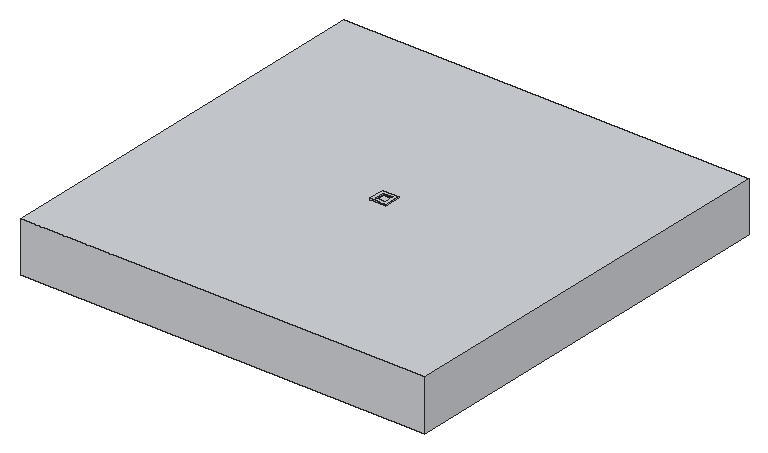
Revit family "Gira_109203", category Elektroinstallationen, Revit 2017
Family settings
  Basisbauteil = Fläche
  Beschriftungsausrichtung beibehalten = Nein
  Bemaßung runder Anschluss = Durchmesser verwenden
  Teiletyp = Normal
  Beim Laden mit Abzugskörper schneiden = Nein
  Gemeinsam genutzt = Nein
  Raumberechnungspunkt = Nein
Parameters
  Werkstoffgüte = "Thermoplast"
  Werkstoff = "Kunststoff"
  URL = "https://www.gira.de/"
  Typname = "Abdeckrahmen 2f waager. BSF Standard 55 Reinweiß"
  Transparent = no
  Textfeld/Beschriftungsfläche = yes
  Schutzart (IP) = "IP20"
  RAL-Nummer (ähnlich) = 9010
  Produktseite = "http://katalog.gira.de/de_DE/datenblatt.html?artikelnr=109203"
  Oberfläche = "sonstige"
  Montagerichtung = "horizontal"
  Mit Montagerahmen = no
  Mit Klappdeckel = no
  Hersteller = "Gira"
  Halogenfrei = yes
  HAN = "109203"
  Geeignet für Unterputz-Installation = yes
  Geeignet für Unterflurkanaldose = no
  Geeignet für Geräteeinbaukanal = no
  Geeignet für Einbauinstallation = no
  GTIN = "4010337092032"
  Farbe = "weiß"
  Datenblatt = "https://katalog.gira.de/de_DE/download.html?artikelnr=109203"
  Beschreibung = "Abdeckrahmen Gira Standard 55 mit Beschriftungsfeld Reinweiß glänzend 2fach waagerecht Merkmale: - Bruchsicher. - Sprühnebeldicht. - Abdeckrahmen mit transparentem Sichtfenster zur Beschriftung der Einsätze. - Besonders geeignet für Objekte, in denen Elektroinstallation gekennzeichnet und dokumentiert werden muss, bspw. in Verwaltungen, gewerblichen Betrieben, Flughäfen, Unternehmen und Krankenhäusern.  Hinweise : - Nicht zu verwenden mit: Dichtungsset IP44, Aufputz-Gehäuse flache Bauweise, Aufputz-Gehäuse."
  Befestigungsart = "Klemmbefestigung"
  Bauelement = "Espr._Rahmen_1fach"
  Default Elevation = 1219.2 mm
  BIM = "https://media.stage.bim.site/public/gira/876eb45/Espr._Rahmen_1fach.rfa"
  Ausführung der Oberfläche = "glänzend"
  Anzahl der Einheiten vertikal = 1
  Anzahl der Einheiten horizontal = 2
  Anzahl der Einheiten = 2
Reference planes
  plane 1 "Center (Front/Back)": y = 0
  plane 2: z = 0
  plane 3 "Center (Left/Right)": x = 0
Forms (mm)
  Extrusion 1, solid
    sketch origin (0, 0, 0) x (1, 0, 0) y (0, 1, 0)
      loop
        line (-1219.2, 1219.2) -> (-1219.2, -1219.2) -> (1219.2, -1219.2) -> (1219.2, 1219.2) -> (-1219.2, 1219.2)
    from 0 to -304.8
  Extrusion 2, solid, detail levels fine
    sketch origin (0, 0, 0) x (1, 0, 0) y (0, 1, 0)
      loop
        line (-47.5, 47.5) -> (-47.5, -47.5) -> (47.5, -47.5) -> (47.5, 47.5) -> (-47.5, 47.5)
      loop
        arc (-28.2, -26.7) -> (-27.761, -27.761) -> (-26.7, -28.2) r 1.5
        line (-26.7, -28.2) -> (26.7, -28.2)
        arc (26.7, -28.2) -> (27.761, -27.761) -> (28.2, -26.7) r 1.5
        line (28.2, -26.7) -> (28.2, 26.7)
        arc (28.2, 26.7) -> (27.761, 27.761) -> (26.7, 28.2) r 1.5
        line (26.7, 28.2) -> (-26.7, 28.2)
        arc (-26.7, 28.2) -> (-27.761, 27.761) -> (-28.2, 26.7) r 1.5
        line (-28.2, 26.7) -> (-28.2, -26.7)
    from 0 to 6
  Extrusion 3, solid, detail levels fine
    sketch origin (0, 0, 0) x (1, 0, 0) y (0, 1, 0)
      loop
        line (-25.7, -25.7) -> (25.7, -25.7) -> (25.7, 25.7) -> (-25.7, 25.7) -> (-25.7, -25.7)
      loop
        arc (-43.1, -41.3) -> (-42.573, -42.573) -> (-41.3, -43.1) r 1.8
        line (-41.3, -43.1) -> (41.3, -43.1)
        arc (41.3, -43.1) -> (42.573, -42.573) -> (43.1, -41.3) r 1.8
        line (43.1, -41.3) -> (43.1, 41.3)
        arc (43.1, 41.3) -> (42.573, 42.573) -> (41.3, 43.1) r 1.8
        line (41.3, 43.1) -> (-41.3, 43.1)
        arc (-41.3, 43.1) -> (-42.573, 42.573) -> (-43.1, 41.3) r 1.8
        line (-43.1, 41.3) -> (-43.1, -41.3)
    from -1.9 to 0
  Extrusion 4, solid, detail levels fine
    sketch origin (0, 0, 0) x (1, 0, 0) y (0, 1, 0)
      loop
        arc (-41.4, 44.4) -> (-43.521, 43.521) -> (-44.4, 41.4) r 3
        line (-44.4, 41.4) -> (-44.4, -41.4)
        arc (-44.4, -41.4) -> (-43.521, -43.521) -> (-41.4, -44.4) r 3
        line (-41.4, -44.4) -> (41.4, -44.4)
        arc (41.4, -44.4) -> (43.521, -43.521) -> (44.4, -41.4) r 3
        line (44.4, -41.4) -> (44.4, 41.4)
        arc (44.4, 41.4) -> (43.521, 43.521) -> (41.4, 44.4) r 3
        line (41.4, 44.4) -> (-41.4, 44.4)
      loop
        line (-43.1, 41.3) -> (-43.1, -41.3)
        arc (-43.1, -41.3) -> (-42.573, -42.573) -> (-41.3, -43.1) r 1.8
        line (-41.3, -43.1) -> (41.3, -43.1)
        arc (41.3, -43.1) -> (42.573, -42.573) -> (43.1, -41.3) r 1.8
        line (43.1, -41.3) -> (43.1, 41.3)
        arc (43.1, 41.3) -> (42.573, 42.573) -> (41.3, 43.1) r 1.8
        line (41.3, 43.1) -> (-41.3, 43.1)
        arc (-41.3, 43.1) -> (-42.573, 42.573) -> (-43.1, 41.3) r 1.8
    from -3.7 to 0
  Extrusion 5, solid, detail levels medium
    sketch origin (0, 0, 0) x (1, 0, 0) y (0, 1, 0)
      loop
        line (-47.5, 47.5) -> (-47.5, -47.5) -> (47.5, -47.5) -> (47.5, 47.5) -> (-47.5, 47.5)
    from 0 to 6
  Extrusion 6, solid, detail levels medium
    sketch origin (0, 0, 0) x (1, 0, 0) y (0, 1, 0)
      loop
        line (-44.4, 44.4) -> (-44.4, -44.4) -> (44.4, -44.4) -> (44.4, 44.4) -> (-44.4, 44.4)
    from -3.7 to 0
  Extrusion 7, solid, detail levels coarse
    sketch origin (0, 0, 0) x (1, 0, 0) y (0, 1, 0)
      loop
        line (-47.5, 47.5) -> (-47.5, -47.5) -> (47.5, -47.5) -> (47.5, 47.5) -> (-47.5, 47.5)
    from -3.7 to 6
Dimensions and locks
  aligned and locked: plane 2 to Extrusion 1
  aligned and locked: level to Extrusion 1
